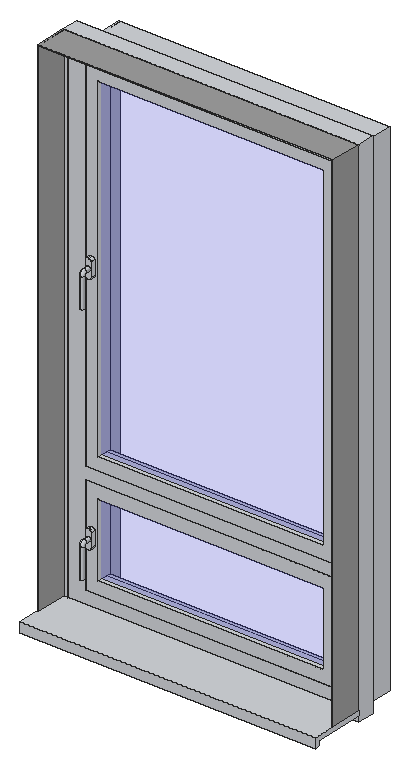
Revit family "AVLN_Окно_Фрамуга_1 створка", category Окна, Revit 2021
Family settings
  Основа = Стена
  Номер OmniClass = 23.30.20.00
  Заголовок OmniClass = Windows
  Всегда вертикально = Да
  При загрузке вырезать с полостями = Нет
  Общий = Нет
  Точка принадлежности помещению = Нет
Parameters (values of type "Для копирования!")
  Ширина рамы = 70 mm
  Ширина импоста = 50 mm
  Четверть слева/справа = 50 mm
  Четверть низ = 0 mm  # constant formula
  Четверть верх = 50 mm
  Толщина основы [instance] = 200 mm
  Створка_толщина = 25 mm  # constant formula
  Створка_снизу_высота = 400 mm
  Створка_профиль = 50 mm
  Створка ширина = Width - ((Ширина рамы * 2) + (Монтажный зазор * 2))  # 1020 mm
  Створка высота = Height - (Створка_снизу_высота + (Ширина рамы * 2) + Ширина импоста + (Монтажный зазор * 2))  # 1470 mm
  Rough Width = Width - Монтажный зазор * 2  # 1160 mm
  Rough Height = Height - Монтажный зазор * 2  # 2060 mm
  Подстановочный профиль_Ширина = 20 mm  # constant formula
  Подстановочный профиль_Толщина = 50 mm
  Подоконник_Толщина = 20 mm
  Подоконник_Длина = Width  # 1200 mm
  Подоконник_Глубина = 190 mm
  Подоконник = yes
  Отлив_Толщина = 1 mm  # constant formula
  Отлив_Длина = Width - [Четверть слева/справа] * 2  # 1100 mm
  Отлив_Глубина = 200 mm
  Отлив = no
  Откос_Н.Ширина = Width - 2 * [Четверть слева/справа]  # 1100 mm
  Откос_Н.Толщина.8 = 32 mm
  Откос_Н.Толщина.7 = 28 mm
  Откос_Н.Толщина.6 = 24 mm
  Откос_Н.Толщина.5 = 20 mm
  Откос_Н.Толщина.4 = 16 mm
  Откос_Н.Толщина.3 = 12 mm
  Откос_Н.Толщина.2 = 8 mm
  Откос_Н.Толщина.1 = 4 mm
  Откос_Н.Отступ_П = 0 mm  # constant formula
  Откос_Н.Отступ_Л = 0 mm  # constant formula
  Откос_Н.Количество слоев = 1
  Откос_Н.Глубина = 150 mm
  Откос_Н.Высота = Height - Четверть верх - Четверть низ  # 2050 mm
  Откос_В.Толщина.8 = 32 mm
  Откос_В.Толщина.7 = 28 mm
  Откос_В.Толщина.6 = 24 mm
  Откос_В.Толщина.5 = 20 mm
  Откос_В.Толщина.4 = 16 mm
  Откос_В.Толщина.3 = 12 mm
  Откос_В.Толщина.2 = 8 mm
  Откос_В.Толщина.1 = 4 mm
  Откос_В.Отступ_П [instance] = Монтажный зазор + Подоконник_Толщина  # 40 mm
  Откос_В.Отступ_Л [instance] = Монтажный зазор + Подоконник_Толщина  # 40 mm
  Откос_В.Количество слоев = 1
  Откос_В.Глубина [instance] = Толщина основы - Глубина вставки - Ширина рамы  # 130 mm
  Определить тепловые свойства по = Тип схем
  Низ открывание = АВЛН_Створка открывная : Створка повороно-откидная правая
  Монтажный зазор = 20 mm
  М.Стекла = Стекло
  М.Рамы = none
  М.Подоконный профиль = none
  М.Подоконник = none
  М.Отлив = none
  М.Откос_Н.8 = none
  М.Откос_Н.7 = none
  М.Откос_Н.6 = none
  М.Откос_Н.5 = none
  М.Откос_Н.4 = none
  М.Откос_Н.3 = none
  М.Откос_Н.2 = none
  М.Откос_Н.1 = none
  М.Откос_В.8 = none
  М.Откос_В.7 = none
  М.Откос_В.6 = none
  М.Откос_В.5 = none
  М.Откос_В.4 = none
  М.Откос_В.3 = none
  М.Откос_В.2 = none
  М.Откос_В.1 = none
  М.Монтажного зазора = none
  Type Comments = ""
  Model = ""
  Глубина вставки = 0 mm
  Высота подоконника по умолчанию = 800 mm
  Height = 2100 mm
  Замыкание стены = По основе
  Width = 1200 mm
  Верх открывание = АВЛН_Створка открывная : Створка повороно-откидная правая
  Аналитическая конструкция = "<Нет>"
  АВЛН_Проем_Ширина [instance] = Width  # 1200 mm
  АВЛН_Проем_Высота [instance] = Height  # 2100 mm
  ADSK_Этаж [instance] = ""
  ADSK_Размер_Ширина = Width  # 1200 mm
  ADSK_Размер_Высота = Height  # 2100 mm
  ADSK_Примечание [instance] = ""
  ADSK_Площадь = Height * Width  # 2.52 m²
  ADSK_Обозначение = ""
  ADSK_Номер секции [instance] = ""
  ADSK_Наименование = ""
  ADSK_Марка = ""
  ADSK_Группирование = ""
  -----------Разрезка----------- = "-----------"  # constant formula
  -----------Профили----------- = "-----------"  # constant formula
  -----------Подоконник----------- = "-----------"  # constant formula
  -----------Отлив----------- = "-----------"  # constant formula
  -----------Откос----------- = "-----------"  # constant formula
  -----------Основные габариты----------- = "-----------"  # constant formula
  -----------Вставка----------- = "-----------"  # constant formula
Reference planes
  plane 1 "По центру (Вперед/Назад)": y = 0
  plane 2 "По центру (Влево/Вправо)": x = 0
  plane 3 "Слева": x = -600
  plane 4 "Справа": x = 600
  plane 5 "Подоконник": z = 800
  plane 6 "Заголовок": z = 2900
  plane 7 "Наружный": y = 100
  plane 8 "Внутренние": y = -100
  plane 9 "Окно": y = 100
  plane 10: x = 580
  plane 11: z = 2880
  plane 12: x = -580
  plane 13: z = 820
  plane 14: x = 550
  plane 15: x = -550
  plane 16: z = 1850
  plane 17: y = 600
  plane 18: y = -400
  plane 19: z = 2850
  plane 20 "Чет. низ": z = 800
  plane 21 "Внутряння грань": y = 30
  plane 22: y = 80
  plane 23 "Импост верх": z = 1340
  plane 24 "Импост низ": z = 1290
  plane 25: z = 890
  plane 26: z = 2810
  plane 27: x = -510
  plane 28: x = 510
  plane 29 "4": z = 1315
  plane 30: z = 1090
  plane 31: x = 0
  plane 32: z = 2075
Forms (mm)
  Extrusion 1, void
    sketch origin (0, 100, 0) x (1, 0, 0) y (0, 0, 1)
      loop
        line (550, 2850) -> (-550, 2850) -> (-550, 800) -> (550, 800) -> (550, 2850)
    from -500 to 20
  Extrusion 2, void
    sketch origin (0, 100, 0) x (1, 0, 0) y (0, 0, 1)
      loop
        line (600, 2900) -> (-600, 2900) -> (-600, 800) -> (600, 800) -> (600, 2900)
    from 0 to 500
  Extrusion 3, solid, material <- "М.Монтажного зазора", detail levels medium+fine
    sketch origin (0, 100, 0) x (1, 0, 0) y (0, 0, 1)
      loop
        line (600, 2900) -> (-600, 2900) -> (-600, 800) -> (600, 800) -> (600, 2900)
      loop
        line (-580, 2880) -> (-580, 820) -> (580, 820) -> (580, 2880) -> (-580, 2880)
    from 0 to 70
  Extrusion 4, solid, material <- "М.Рамы", detail levels medium+fine
    sketch origin (0, 100, 0) x (-1, 0, 0) y (0, 0, 1)
      loop
        line (-580, 2880) -> (-580, 820) -> (580, 820) -> (580, 2880) -> (-580, 2880)
      loop
        line (-510, 2810) -> (-510, 1340) -> (510, 1340) -> (510, 2810) -> (-510, 2810)
      loop
        line (-510, 890) -> (510, 890) -> (510, 1290) -> (-510, 1290) -> (-510, 890)
    from -70 to 0
Lines and regions (mm)
  reference lines
    curve 1: line (-600, -100, 1315) -> (600, -100, 1315)
Text (mm)
  text "EXTERIOR" at (-1963.203, 1332.353, 0), in view "Опорный уровень"
  text "INTERIOR" at (-1981.466, -818.386, 0), in view "Опорный уровень"
  text "Наружный" at (0, 923.751, 2943.296), in view "Справа"
  text "Наружный" at (0, 1240.237, 2685.409), in view "Слева"
Dimensions and locks
  equal spacing: plane 3 "Слева", plane 2 "По центру (Влево/Вправо)", plane 4 "Справа"
  "Width": plane 3 "Слева" to plane 4 "Справа"
  "Height": plane 5 "Подоконник" to plane 6 "Заголовок"
  "Высота подоконника по умолчанию": plane 5 "Подоконник" to level
  locked: plane 7 "Наружный" to host wall
  locked: plane 8 "Внутренние" to host wall
  "Глубина вставки": plane 9 "Окно" to plane 7 "Наружный"
  "Монтажный зазор": plane 10 to plane 4 "Справа"
  "Монтажный зазор": plane 3 "Слева" to plane 12
  "Монтажный зазор": plane 11 to plane 6 "Заголовок"
  "Монтажный зазор": plane 5 "Подоконник" to plane 13
  "Четверть слева/справа": plane 14 to plane 4 "Справа"
  "Четверть слева/справа": plane 3 "Слева" to plane 15
  equal spacing: plane 5 "Подоконник", plane 16, plane 6 "Заголовок"
  locked: plane 7 "Наружный" to plane 17 at 500
  locked: plane 18 to plane 8 "Внутренние" at 300
  "Четверть верх": plane 19 to plane 6 "Заголовок"
  "Четверть низ": plane 5 "Подоконник" to plane 20 "Чет. низ"
  "Ширина рамы": plane 9 "Окно" to plane 21 "Внутряння грань"
  "Толщина основы": host wall to host wall
  locked: plane 22 to plane 21 "Внутряння грань" at 50
  "Ширина импоста": plane 24 "Импост низ" to plane 23 "Импост верх"
  "Ширина рамы": plane 28 to plane 10
  "Ширина рамы": plane 12 to plane 27
  "Ширина рамы": plane 13 to plane 25
  "Ширина рамы": plane 26 to plane 11
  plane 23 "Импост верх" to plane 26 = 1470 mm
  "Створка_снизу_высота": plane 25 to plane 24 "Импост низ"
  equal spacing: plane 23 "Импост верх", plane 29 "4", plane 24 "Импост низ"
  equal spacing: plane 3 "Слева", plane 31, plane 4 "Справа"
  equal spacing: plane 24 "Импост низ", plane 30, plane 25
  equal spacing: plane 26, plane 32, plane 23 "Импост верх"
  aligned and locked: Extrusion 1 sketch curve to plane 14
  aligned and locked: Extrusion 1 sketch curve to plane 15
  aligned and locked: plane 17 to Extrusion 1
  aligned and locked: Extrusion 2 sketch curve to plane 6 "Заголовок"
  aligned and locked: Extrusion 2 sketch curve to plane 4 "Справа"
  aligned and locked: plane 5 "Подоконник" to Extrusion 2 sketch curve
  aligned and locked: plane 3 "Слева" to Extrusion 2 sketch curve
  aligned and locked: plane 9 "Окно" to Extrusion 2
  aligned and locked: Extrusion 2 to plane 18
  aligned and locked: Extrusion 1 sketch curve to plane 19
  aligned and locked: plane 20 "Чет. низ" to Extrusion 1 sketch curve
  aligned and locked: plane 9 "Окно" to nested 1
  aligned and locked: plane 2 "По центру (Влево/Вправо)" to nested 1
  aligned and locked: nested 2 to plane 21 "Внутряння грань"
  aligned and locked: nested 2 to plane 2 "По центру (Влево/Вправо)"
  aligned and locked: plane 8 "Внутренние" to nested 3
  aligned and locked: nested 4 to plane 9 "Окно"
  aligned and locked: Extrusion 3 sketch curve to plane 6 "Заголовок"
  aligned and locked: Extrusion 3 sketch curve to plane 4 "Справа"
  aligned and locked: Extrusion 3 sketch curve to nested 2  (x2)
  aligned and locked: Extrusion 3 sketch curve to plane 11
  aligned and locked: Extrusion 3 sketch curve to plane 12
  aligned and locked: plane 13 to Extrusion 3 sketch curve
  aligned and locked: Extrusion 3 sketch curve to plane 10
  aligned and locked: Extrusion 3 to nested 2
  aligned and locked: plane 24 "Импост низ" to Extrusion 4 sketch curve
  aligned and locked: plane 23 "Импост верх" to Extrusion 4 sketch curve
  aligned and locked: Extrusion 4 sketch curve to Extrusion 4 sketch curve
  aligned and locked: plane 27 to Extrusion 4 sketch curve
  aligned and locked: Extrusion 4 sketch curve to plane 12
  aligned and locked: plane 13 to Extrusion 4 sketch curve
  aligned and locked: plane 28 to Extrusion 4 sketch curve  (x2)
  aligned and locked: plane 10 to Extrusion 4 sketch curve
  aligned and locked: Extrusion 4 sketch curve to plane 26
  aligned and locked: Extrusion 4 sketch curve to plane 11
  aligned and locked: plane 20 "Чет. низ" to nested 4
  aligned and locked: nested 4 to plane 2 "По центру (Влево/Вправо)"
  aligned and locked: plane 9 "Окно" to Extrusion 3
  aligned and locked: Extrusion 4 to plane 21 "Внутряння грань"
  aligned and locked: plane 9 "Окно" to Extrusion 4
  aligned and locked: Extrusion 1 to plane 22
  aligned and locked: curve 1 to plane 29 "4"
  aligned and locked: plane 3 "Слева" to curve 1
  aligned and locked: plane 4 "Справа" to curve 1
  aligned and locked: plane 31 to nested 6
  aligned and locked: nested 6 to plane 16
  aligned and locked: nested 3 to plane 31
  aligned and locked: plane 31 to nested 8
  aligned and locked: plane 31 to nested 9
  aligned and locked: nested 8 to plane 32
Automatic sketch dimensions
  Extrusion 4 sketch curve to plane 25 = 0 mm
Nested families
  nested 1: "Отлив" at (0, 100, 800) x (-1, 0, 0) z (0, 0, 1), Глубина отлива <- "Отлив_Глубина", Длина отлива <- "Отлив_Длина", ТО <- "Отлив_Толщина", Ш_МЗЗ <- "Монтажный зазор", Ш_ПП <- "Подстановочный профиль_Ширина", ADSK_Группирование <- "ADSK_Группирование", ADSK_Номер секции <- "ADSK_Номер секции", ADSK_Этаж <- "ADSK_Этаж", visible <- "Отлив", М <- "М.Отлив", type "Отлив", detail levels fine
    with Ш_ПП 20 mm, Ш_МЗЗ 20 mm, ТО 1 mm, М none, Длина отлива 1100 mm, Глубина отлива 200 mm, ADSK_Этаж "", ADSK_Примечание "", ADSK_Обозначение "", ADSK_Номер секции "", ADSK_Наименование "", ADSK_Марка "", ADSK_Группирование ""
  nested 2: "Подоконник" at (0, 30, 800), Глубина подоконника <- "Подоконник_Глубина", Длина отлива <- "Подоконник_Длина", ТП <- "Подоконник_Толщина", Ш_МЗЗ <- "Монтажный зазор", Ш_ПП <- "Подстановочный профиль_Ширина", ADSK_Группирование <- "ADSK_Группирование", ADSK_Номер секции <- "ADSK_Номер секции", ADSK_Этаж <- "ADSK_Этаж", visible <- "Подоконник", М <- "М.Подоконник", type "Подоконник", detail levels fine
    with Ш_ПП 20 mm, Ш_МЗЗ 20 mm, ТП 20 mm, М none, Длина отлива 1200 mm, Глубина подоконника 190 mm, ADSK_Этаж "", ADSK_Примечание "", ADSK_Обозначение "", ADSK_Номер секции "", ADSK_Наименование "", ADSK_Марка "", ADSK_Группирование ""
  nested 3: "AVLN_Откосы_R19" at (0, -100, 0), Глубина <- "Откос_В.Глубина", Высота от уровня <- "Высота подоконника по умолчанию", ADSK_Группирование <- "Type Comments", ADSK_Этаж <- "ADSK_Этаж", ADSK_Номер секции <- "ADSK_Номер секции", Материал_1 <- "М.Откос_В.1", Материал_2 <- "М.Откос_В.2", Материал_3 <- "М.Откос_В.3", Материал_4 <- "М.Откос_В.4", Материал_5 <- "М.Откос_В.5", Материал_6 <- "М.Откос_В.6", Материал_7 <- "М.Откос_В.7", Материал_8 <- "М.Откос_В.8", Толщина_1 <- "Откос_В.Толщина.1", Толщина_2 <- "Откос_В.Толщина.2", Толщина_3 <- "Откос_В.Толщина.3", Толщина_4 <- "Откос_В.Толщина.4", Толщина_5 <- "Откос_В.Толщина.5", Толщина_6 <- "Откос_В.Толщина.6", Толщина_7 <- "Откос_В.Толщина.7", Толщина_8 <- "Откос_В.Толщина.8", Количество слоев <- "Откос_В.Количество слоев", Отступ_Л <- "Откос_В.Отступ_Л", Отступ_П <- "Откос_В.Отступ_П", Высота <- "Height", Ширина <- "Width", type "AVLN_Откосы_R19"
    with Ширина_8 976 mm, Ширина_7 1032 mm, Ширина_6 1080 mm, Ширина_5 1120 mm, Ширина_4 1152 mm, Ширина_3 1176 mm, Ширина_2 1192 mm, Ширина 1200 mm, Толщина_8 32 mm, Толщина_7 28 mm, Толщина_6 24 mm, Толщина_5 20 mm, Толщина_4 16 mm, Толщина_3 12 mm, Толщина_2 8 mm, Толщина_1 4 mm, Отступ_П 40 mm, Отступ_Л 40 mm, Материал_8 none, Материал_7 none, Материал_6 none, Материал_5 none, Материал_4 none, Материал_3 none, Материал_2 none, Материал_1 none, Количество слоев 1, Глубина 130 mm, Высота_8 1988 mm, Высота_7 2016 mm, Высота_6 2040 mm, Высота_5 2060 mm, Высота_4 2076 mm, Высота_3 2088 mm, Высота_2 2096 mm, Высота от уровня 800 mm, Высота 2100 mm, Видимость_8 no, Видимость_7 no, Видимость_6 no, Видимость_5 no, Видимость_4 no, Видимость_3 no, Видимость_2 no, Видимость_1 yes, ADSK_Этаж "", ADSK_Номер секции "", ADSK_Группирование ""
  nested 4: "AVLN_Откосы_R19" at (0, 100, 0), Ширина <- "Откос_Н.Ширина", Глубина <- "Откос_Н.Глубина", Высота <- "Откос_Н.Высота", Высота от уровня <- "Высота подоконника по умолчанию", ADSK_Группирование <- "Type Comments", ADSK_Этаж <- "ADSK_Этаж", ADSK_Номер секции <- "ADSK_Номер секции", Материал_1 <- "М.Откос_Н.1", Материал_2 <- "М.Откос_Н.2", Материал_3 <- "М.Откос_Н.3", Материал_4 <- "М.Откос_Н.4", Материал_5 <- "М.Откос_Н.5", Материал_6 <- "М.Откос_Н.6", Материал_7 <- "М.Откос_Н.7", Материал_8 <- "М.Откос_Н.8", Толщина_1 <- "Откос_Н.Толщина.1", Толщина_2 <- "Откос_Н.Толщина.2", Толщина_3 <- "Откос_Н.Толщина.3", Толщина_4 <- "Откос_Н.Толщина.4", Толщина_5 <- "Откос_Н.Толщина.5", Толщина_6 <- "Откос_Н.Толщина.6", Толщина_7 <- "Откос_Н.Толщина.7", Толщина_8 <- "Откос_Н.Толщина.8", Количество слоев <- "Откос_Н.Количество слоев", Отступ_Л <- "Откос_Н.Отступ_Л", Отступ_П <- "Откос_Н.Отступ_П", type "AVLN_Откосы_R19"
    with Ширина_8 876 mm, Ширина_7 932 mm, Ширина_6 980 mm, Ширина_5 1020 mm, Ширина_4 1052 mm, Ширина_3 1076 mm, Ширина_2 1092 mm, Ширина 1100 mm, Толщина_8 32 mm, Толщина_7 28 mm, Толщина_6 24 mm, Толщина_5 20 mm, Толщина_4 16 mm, Толщина_3 12 mm, Толщина_2 8 mm, Толщина_1 4 mm, Отступ_П 0 mm, Отступ_Л 0 mm, Материал_8 none, Материал_7 none, Материал_6 none, Материал_5 none, Материал_4 none, Материал_3 none, Материал_2 none, Материал_1 none, Количество слоев 1, Глубина 150 mm, Высота_8 1938 mm, Высота_7 1966 mm, Высота_6 1990 mm, Высота_5 2010 mm, Высота_4 2026 mm, Высота_3 2038 mm, Высота_2 2046 mm, Высота от уровня 800 mm, Высота 2050 mm, Видимость_8 no, Видимость_7 no, Видимость_6 no, Видимость_5 no, Видимость_4 no, Видимость_3 no, Видимость_2 no, Видимость_1 yes, ADSK_Этаж "", ADSK_Номер секции "", ADSK_Группирование ""
  nested 5: "Откос_R1" at (0, 175, 800), type "Откос_R19 2"
    with Площадь 0.78 m², Отступ_П 0 mm, Отступ_Л 0 mm, Материал none, Видимость yes, ADSK_Этаж "", ADSK_Размер_Ширина 1100 mm, ADSK_Размер_Толщина 4 mm, ADSK_Размер_Глубина 150 mm, ADSK_Размер_Высота 2050 mm, ADSK_Номер секции "", ADSK_Группирование ""
  nested 6: "AVLN_Обозначение проема" at (0, 100, 1850) x (0, 0, -1) z (0, -1, 0), ADSK_Размер_Высота <- "АВЛН_Проем_Ширина", ADSK_Размер_Ширина <- "АВЛН_Проем_Высота", type "AVLN_Обозначение проема", detail levels coarse
    with Длина 200 mm, ADSK_Размер_Ширина 2100 mm, ADSK_Размер_Высота 1200 mm
  nested 7: "Откос_R1" at (0, -35, 800), type "Откос_R19 2"
    with Площадь 0.702 m², Отступ_П 40 mm, Отступ_Л 40 mm, Материал none, Видимость yes, ADSK_Этаж "", ADSK_Размер_Ширина 1200 mm, ADSK_Размер_Толщина 4 mm, ADSK_Размер_Глубина 130 mm, ADSK_Размер_Высота 2100 mm, ADSK_Номер секции "", ADSK_Группирование ""
  nested 8: "АВЛН_Створка открывная" at (0, 30, 2075) x (-1, 0, 0) z (0, 1, 0), type <- "Верх открывание", Ширина рамы <- "Створка_профиль", Створка высота <- "Створка высота", Створка ширина <- "Створка ширина", Материал_Ручки <- "М.Рамы", Материал_Рама <- "М.Рамы", Материал_Стеклопакет <- "М.Стекла", type "Створка повороно-откидная правая", detail levels medium+fine
    with Ширина рамы 50 mm, Створка ширина 1020 mm, Створка высота 1470 mm, Материал_Стеклопакет Стекло, Материал_Ручки none, Материал_Рама none, Width 1020 mm, Height 1470 mm
  nested 9: "АВЛН_Створка открывная" at (0, 30, 1090) x (-1, 0, 0) z (0, 1, 0), type <- "Низ открывание", Ширина рамы <- "Створка_профиль", Створка высота <- "Створка_снизу_высота", Створка ширина <- "Створка ширина", Материал_Ручки <- "М.Рамы", Материал_Рама <- "М.Рамы", Материал_Стеклопакет <- "М.Стекла", type "Створка повороно-откидная правая", detail levels medium+fine
    with Ширина рамы 50 mm, Створка ширина 1020 mm, Створка высота 400 mm, Материал_Стеклопакет Стекло, Материал_Ручки none, Материал_Рама none, Width 1020 mm, Height 1470 mm
Definition of nested family "Отлив"
  Parameters (values of type "Отлив")
    Ш_ПП [instance] = 50 mm
    Ш_МЗЗ [instance] = 35 mm
    ТО [instance] = 1 mm
    Default Elevation = 1219.2 mm
    М [instance] = none
    Длина отлива [instance] = 1560 mm
    Глубина отлива [instance] = 280 mm
    ADSK_Этаж [instance] = ""
    ADSK_Примечание [instance] = ""
    ADSK_Обозначение [instance] = ""
    ADSK_Номер секции [instance] = ""
    ADSK_Наименование [instance] = ""
    ADSK_Марка [instance] = ""
    ADSK_Группирование [instance] = ""
  Reference planes
    plane 1 "По центру (Вперед/Назад)": y = 0
    plane 2: z = 0
    plane 3 "По центру (Влево/Вправо)": x = 0
    plane 4: y = -280
    plane 5: x = -780
    plane 6: x = 780
    plane 7: z = 35
    plane 8: z = 85
    plane 9: y = -1
    plane 10: y = -300
    plane 11: y = -301
    plane 12: z = -35
    plane 13: z = 34
  Forms (mm)
    Extrusion 1, solid, material <- "М"
      sketch origin (0, 0, 0) x (0, 1, 0) y (0, 0, 1)
        loop
          line (0, 85) -> (-1, 85) -> (-1, 34.893) -> (-301, 0.893) -> (-301, -35) -> (-300, -35) -> (-300, 0) -> (0, 34) -> (0, 85)
      from -780 to 780
  Dimensions and locks
    equal spacing: plane 5, plane 3 "По центру (Влево/Вправо)", plane 6
    "Длина отлива": plane 5 to plane 6
    "Глубина отлива": plane 4 to plane 1 "По центру (Вперед/Назад)"
    "Ш_МЗЗ": plane 7 to level
    "Ш_ПП": plane 8 to plane 7
    "ТО": plane 1 "По центру (Вперед/Назад)" to plane 9
    "ТО": plane 10 to plane 11
    locked: level to plane 12 at 35
    "ТО": plane 7 to plane 13
    "ТО": Extrusion 1 sketch curve to Extrusion 1 sketch curve
    locked: plane 4 to plane 10 at 20
    aligned and locked: level to plane 2
    aligned and locked: plane 8 to Extrusion 1 sketch curve
    aligned and locked: plane 9 to Extrusion 1 sketch curve
    aligned and locked: plane 11 to Extrusion 1 sketch curve
    aligned and locked: plane 12 to Extrusion 1 sketch curve
    aligned and locked: plane 1 "По центру (Вперед/Назад)" to Extrusion 1 sketch curve  (x2)
    aligned and locked: plane 13 to Extrusion 1 sketch curve
    aligned and locked: level to Extrusion 1 sketch curve
    aligned and locked: plane 10 to Extrusion 1 sketch curve
    aligned and locked: plane 6 to Extrusion 1
    aligned and locked: Extrusion 1 to plane 5
Definition of nested family "Подоконник"
  Parameters (values of type "Подоконник")
    Ш_ПП [instance] = 50 mm
    Ш_МЗЗ [instance] = 35 mm
    ТП [instance] = 20 mm
    Default Elevation = 1219.2 mm
    М [instance] = none
    Длина отлива [instance] = 1560 mm
    Глубина подоконника [instance] = 280 mm
    ADSK_Этаж [instance] = ""
    ADSK_Примечание [instance] = ""
    ADSK_Обозначение [instance] = ""
    ADSK_Номер секции [instance] = ""
    ADSK_Наименование [instance] = ""
    ADSK_Марка [instance] = ""
    ADSK_Группирование [instance] = ""
  Reference planes
    plane 1 "По центру (Вперед/Назад)": y = 0
    plane 2: z = 0
    plane 3 "По центру (Влево/Вправо)": x = 0
    plane 4: y = -280
    plane 5: x = -780
    plane 6: x = 780
    plane 7: z = 35
    plane 8: z = 85
    plane 9: y = -20
    plane 10: y = -290
    plane 11: y = -310
    plane 12: z = -35
    plane 13: z = 15
    plane 14: z = 65
  Forms (mm)
    Extrusion 1, solid, material <- "М"
      sketch origin (0, 0, 0) x (0, 1, 0) y (0, 0, 1)
        loop
          line (0, 85) -> (-310, 85) -> (-310, 0) -> (-290, 0) -> (-290, 65) -> (0, 65) -> (0, 85)
      from -780 to 780
  Dimensions and locks
    equal spacing: plane 5, plane 3 "По центру (Влево/Вправо)", plane 6
    "Длина отлива": plane 5 to plane 6
    "Глубина подоконника": plane 4 to plane 1 "По центру (Вперед/Назад)"
    "Ш_МЗЗ": plane 7 to level
    "Ш_ПП": plane 8 to plane 7
    "ТП": plane 1 "По центру (Вперед/Назад)" to plane 9
    "ТП": plane 10 to plane 11
    locked: level to plane 12 at 35
    "ТП": plane 7 to plane 13
    locked: plane 4 to plane 10 at 10
    "ТП": plane 8 to plane 14
    aligned and locked: level to plane 2
    aligned and locked: plane 8 to Extrusion 1 sketch curve
    aligned and locked: plane 1 "По центру (Вперед/Назад)" to Extrusion 1 sketch curve
    aligned and locked: plane 10 to Extrusion 1 sketch curve
    aligned and locked: plane 11 to Extrusion 1 sketch curve
    aligned and locked: level to Extrusion 1 sketch curve
    aligned and locked: plane 14 to Extrusion 1 sketch curve
    aligned and locked: Extrusion 1 to plane 5
    aligned and locked: plane 6 to Extrusion 1
Definition of nested family "Откос_R1"
  Parameters (values of type "Откос_R19")
    Площадь [instance] = (ADSK_Размер_Ширина + 2 * ADSK_Размер_Высота) * ADSK_Размер_Глубина  # 2.93564 m²
    Отступ_П [instance] = 0 mm
    Отступ_Л [instance] = 0 mm
    Материал [instance] = none
    Model = "Внутренний слой откоса"  # constant formula
    Видимость [instance] = yes
    ADSK_Этаж [instance] = ""
    ADSK_Размер_Ширина [instance] = 1880 mm
    ADSK_Размер_Толщина [instance] = 164.158 mm
    ADSK_Размер_Глубина [instance] = 560 mm
    ADSK_Размер_Высота [instance] = 1681.106 mm
    ADSK_Примечание = ""
    ADSK_Обозначение = ""
    ADSK_Номер секции [instance] = ""
    ADSK_Наименование = ""
    ADSK_Марка = ""
    ADSK_Группирование [instance] = ""
  Reference planes
    plane 1 "По центру (Вперед/Назад)": y = 0
    plane 2: z = 0
    plane 3 "По центру (Влево/Вправо)": x = 0
    plane 4: x = -940
    plane 5: x = 940
    plane 6: y = 280
    plane 7: y = -280
    plane 8: x = -775.842
    plane 9: z = 1681.106
    plane 10: z = 0
    plane 11: z = 0
  Forms (mm)
    Sweep 1, solid, material <- "Материал", visible <- "Видимость"
      path origin (0, 0, 0) x (1, 0, 0) y (0, 0, 1)
        loop
          line (940, 0) -> (940, 1681.106) -> (-940, 1681.106) -> (-940, 0)
      profile origin (-940, 0, 840.553) x (0, -1, 0) y (1, 0, 0)
        loop
          line (-280, 0) -> (280, 0) -> (280, 164.158) -> (-280, 164.158) -> (-280, 0)
  Dimensions and locks
    equal spacing: plane 6, plane 1 "По центру (Вперед/Назад)", plane 7
    equal spacing: plane 4, plane 3 "По центру (Влево/Вправо)", plane 5
    "ADSK_Размер_Толщина": plane 4 to plane 8
    "ADSK_Размер_Глубина": plane 6 to plane 7
    "ADSK_Размер_Высота": plane 9 to level
    "ADSK_Размер_Ширина": plane 5 to plane 4
    "Отступ_Л": plane 10 to level
    "Отступ_П": plane 11 to level
    aligned and locked: level to plane 2
    aligned and locked: Sweep 1 sketch curve to plane 4
    aligned and locked: Sweep 1 sketch curve to plane 9
    aligned and locked: Sweep 1 sketch curve to plane 5
    aligned and locked: plane 6 to Sweep 1 sketch curve
    aligned and locked: profile plane to Sweep 1 sketch curve
    aligned and locked: Sweep 1 sketch curve to plane 7
    aligned and locked: plane 8 to Sweep 1 sketch curve
    aligned and locked: plane 10 to Sweep 1 sketch curve
    aligned and locked: plane 11 to Sweep 1 sketch curve
Definition of nested family "АВЛН_Створка открывная"
  Parameters (values of type "Створка повороно-откидная правая")
    Ширина рамы [instance] = 50 mm
    Width = 1600 mm
    Створка ширина [instance] = 800 mm
    Створка высота [instance] = 700 mm
    Define Thermal Properties by = 1
    Материал_Стеклопакет [instance] = none
    Поворотная Правая = yes
    Поворотная Левая = no
    Default Elevation = 1219.2 mm
    Открываная = yes
    Откидная = yes
    Материал_Ручки [instance] = none
    Материал_Рама [instance] = none
    Левая = yes
    Глухое = no
    Height = 1800 mm
    Analytic Construction = "<Нет>"
  Types (6, lengths in mm): name | Поворотная Правая | Поворотная Левая | Открываная | Откидная | Глухое
    Створка повороно-откидная правая | yes | no | yes | yes | no
    Створка повороно-откидная левая | no | yes | yes | yes | no
    Створка глухая | no | no | no | no | yes
    Створка откидная | no | no | yes | yes | no
    Створка поворотная правая | yes | no | yes | no | no
    Створка поворотная левая | no | yes | yes | no | no
  Reference planes
    plane 1 "По центру (Вперед/Назад)": y = 0
    plane 2 "Внутрення грань": z = 0
    plane 3 "По центру (Влево/Вправо)": x = 0
    plane 4: y = 350
    plane 5: x = 400
    plane 6: y = -350
    plane 7: x = -400
    plane 8 "Наружняя грань": z = 60.433
    plane 9 "По центру Л/Р": z = 30.216
  Forms (mm)
    Extrusion 1, solid
      sketch origin (0, 0, 0) x (1, 0, 0) y (0, 1, 0)
        loop
          line (-1219.2, 1219.2) -> (-1219.2, -1219.2) -> (1219.2, -1219.2) -> (1219.2, 1219.2) -> (-1219.2, 1219.2)
      from 0 to -304.8
    Sweep 2, solid, material <- "Материал_Рама", visible <- "Открываная"
      path origin (0, 0, 0) x (1, 0, 0) y (0, 1, 0)
        loop
          line (400, 350) -> (-400, 350) -> (-400, -350) -> (400, -350) -> (400, 350)
      profile origin (0, 350, 0) x (0, -1, 0) y (0, 0, 1)
        loop
          line (0, 0) -> (50, 0) -> (50, 60.433) -> (0, 60.433) -> (0, 0)
    Extrusion 3, solid, material <- "Материал_Стеклопакет", visible <- "Открываная"
      sketch origin (0, 0, 0) x (1, 0, 0) y (0, 1, 0)
        loop
          line (-350, 300) -> (-350, -300) -> (350, -300) -> (350, 300) -> (-350, 300)
      from 17.481 to 42.952
    Extrusion 4, solid, material <- "Материал_Стеклопакет", visible <- "Глухое"
      sketch origin (0, 0, 0) x (1, 0, 0) y (0, 1, 0)
        loop
          line (-400, 350) -> (-400, -350) -> (400, -350) -> (400, 350) -> (-400, 350)
      from 17.481 to 42.952
  Lines and regions (mm)
    model lines, visible <- "Глухое", detail levels medium+fine
      curve 1: line (0, 50, 60.433) -> (0, -50, 60.433)
      curve 2: line (50, 0, 60.433) -> (-50, 0, 60.433)
      curve 17: line (0, 50, 0) -> (0, -50, 0)
      curve 18: line (50, 0, 0) -> (-50, 0, 0)
    model lines, visible <- "Глухое", not visible, detail levels medium+fine
      curve 3: line (60, 38.001, 60.433) -> (60, -61.999, 60.433)
      curve 4: line (110, -11.999, 60.433) -> (10, -11.999, 60.433)
    model lines, visible <- "Поворотная Левая", detail levels medium+fine
      curve 5: line (400, 350, 0) -> (-400, 0, 0)
      curve 6: line (400, -350, 0) -> (-400, 0, 0)
      curve 13: line (400, 350, 60.433) -> (-400, 0, 60.433)
      curve 14: line (400, -350, 60.433) -> (-400, 0, 60.433)
    model lines, visible <- "Откидная", detail levels medium+fine
      curve 7: line (-400, -350, 0) -> (0, 350, 0)
      curve 8: line (0, 350, 0) -> (400, -350, 0)
      curve 15: line (-400, -350, 60.433) -> (0, 350, 60.433)
      curve 16: line (0, 350, 60.433) -> (400, -350, 60.433)
    model lines, visible <- "Поворотная Правая", detail levels medium+fine
      curve 9: line (-400, 350, 0) -> (400, 0, 0)
      curve 10: line (-400, -350, 0) -> (400, 0, 0)
      curve 11: line (-400, 350, 60.433) -> (400, 0, 60.433)
      curve 12: line (-400, -350, 60.433) -> (400, 0, 60.433)
  Dimensions and locks
    "Створка высота": plane 4 to plane 6
    "Створка ширина": plane 7 to plane 5
    equal spacing: plane 7, plane 3 "По центру (Влево/Вправо)", plane 5
    equal spacing: plane 6, plane 1 "По центру (Вперед/Назад)", plane 4
    plane 2 "Внутрення грань" to plane 8 "Наружняя грань" = 60.433 mm
    level to Extrusion 4 = 42.952 mm
    plane 8 "Наружняя грань" to level = 60.433 mm
    equal spacing: Extrusion 3, plane 9 "По центру Л/Р", Extrusion 3
    equal spacing: plane 8 "Наружняя грань", plane 9 "По центру Л/Р", level
    Extrusion 3 to Extrusion 3 = 25.471 mm
    "Ширина рамы": profile plane to Sweep 2 sketch curve
    equal spacing: Extrusion 4, plane 9 "По центру Л/Р", Extrusion 4, locked at 12.735 each
    locked: Extrusion 4 to Extrusion 4 at 25.471
    equal spacing: Sweep 2, nested 1, Sweep 2
    equal spacing: Sweep 2, nested 2, Sweep 2
    aligned and locked: plane 2 "Внутрення грань" to Extrusion 1
    aligned and locked: level to Extrusion 1
    aligned and locked: plane 4 to Sweep 2 sketch curve
    aligned and locked: plane 5 to Sweep 2 sketch curve
    aligned and locked: plane 6 to Sweep 2 sketch curve
    aligned and locked: Sweep 2 sketch curve to plane 7
    aligned and locked: Extrusion 3 sketch curve to Sweep 2  (x4)
    aligned and locked: Extrusion 4 sketch curve to Sweep 2  (x3)
    aligned and locked: Extrusion 4 sketch curve to plane 5
    aligned and locked: Sweep 2 sketch curve to plane 8 "Наружняя грань"
    aligned and locked: plane 6 to Extrusion 4
    aligned and locked: plane 4 to Extrusion 4
    aligned and locked: curve 2 to plane 1 "По центру (Вперед/Назад)"
    aligned and locked: curve 1 to plane 3 "По центру (Влево/Вправо)"
    aligned and locked: curve 18 to plane 1 "По центру (Вперед/Назад)"
    aligned and locked: curve 17 to plane 3 "По центру (Влево/Вправо)"
    aligned and locked: nested 2 to plane 1 "По центру (Вперед/Назад)"
    aligned and locked: nested 1 to plane 1 "По центру (Вперед/Назад)"
  Automatic sketch dimensions
    Extrusion 1 sketch curve to Extrusion 1 sketch curve = 2438.4 mm  (x2)
    plane 1 "По центру (Вперед/Назад)" to curve 5 = 0 mm
    curve 5 to plane 7 = 0 mm
    curve 9 to plane 4 = 0 mm
    curve 9 to plane 7 = 0 mm
    plane 6 to curve 7 = 0 mm
    curve 7 to plane 7 = 0 mm
    curve 7 to plane 3 "По центру (Влево/Вправо)" = 0 mm
    curve 6 to plane 5 = 0 mm
    plane 1 "По центру (Вперед/Назад)" to curve 9 = 0 mm
    curve 9 to plane 5 = 0 mm
    curve 5 to plane 4 = 0 mm
    curve 5 to plane 5 = 0 mm
    plane 6 to curve 8 = 0 mm
    curve 8 to plane 4 = 0 mm
    curve 11 to plane 4 = 0 mm
    curve 11 to plane 7 = 0 mm
    plane 6 to curve 15 = 0 mm
    curve 15 to plane 7 = 0 mm
    plane 1 "По центру (Вперед/Назад)" to curve 14 = 0 mm
    curve 14 to plane 7 = 0 mm
    curve 15 to plane 3 "По центру (Влево/Вправо)" = 0 mm
    plane 1 "По центру (Вперед/Назад)" to curve 11 = 0 mm
    curve 11 to plane 5 = 0 mm
    curve 14 to plane 5 = 0 mm
    curve 13 to plane 4 = 0 mm
    curve 13 to plane 5 = 0 mm
    plane 6 to curve 14 = 0 mm
    curve 15 to plane 4 = 0 mm
    plane 1 "По центру (Вперед/Назад)" to curve 2 = 0 mm
    curve 1 to plane 3 "По центру (Влево/Вправо)" = 0 mm
    curve 2 to plane 3 "По центру (Влево/Вправо)" = 50 mm
    plane 3 "По центру (Влево/Вправо)" to curve 2 = 50 mm
    plane 1 "По центру (Вперед/Назад)" to curve 1 = 50 mm
    curve 1 to plane 1 "По центру (Вперед/Назад)" = 50 mm
    curve 18 to curve 17 = 50 mm
    curve 17 to curve 18 = 50 mm
    plane 1 "По центру (Вперед/Назад)" to curve 17 = 50 mm
    curve 17 to plane 1 "По центру (Вперед/Назад)" = 50 mm
    Sweep 2 sketch curve to level = 0 mm
    Sweep 2 sketch curve to profile plane = 0 mm
  Nested families
    nested 1: "АВЛН_Ручка" at (375, 1040, 0) x (1, 0, 0) z (0, -1, 0), visible <- "Поворотная Правая", Материал дверной ручки <- "Материал_Рама", type "АВЛН_Ручка", detail levels fine
      with Материал дверной ручки none, Высота расположения дверной ручки 1040 mm
    nested 2: "АВЛН_Ручка" at (-375, 1040, 0) x (1, 0, 0) z (0, -1, 0), visible <- "Поворотная Левая", Материал дверной ручки <- "Материал_Рама", type "АВЛН_Ручка", detail levels fine
      with Материал дверной ручки none, Высота расположения дверной ручки 1040 mm
  Definition of nested family "АВЛН_Ручка"
    Parameters (values of type "АВЛН_Ручка")
      Default Elevation = 1219.2 mm
      Материал дверной ручки [instance] = none
      Высота расположения дверной ручки [instance] = 1040 mm
      Analytic Construction = "<Нет>"
      b = 25 mm
      a = 75 mm
    Reference planes
      plane 1 "По центру (Вперед/Назад)": y = 0
      plane 2: z = 0
      plane 3 "По центру (Влево/Вправо)": x = 0
      plane 4: z = 1040
      plane 5: x = 12.5
      plane 6: x = -12.5
      plane 7: z = 1002.5
      plane 8: z = 1077.5
      plane 9: y = -15
    Forms (mm)
      Extrusion 1, solid, material <- "Материал дверной ручки"
        sketch origin (0, 0, 2080) x (-1, 0, 0) y (0, 0, -1)
          loop
            arc (-2.5, 1077.5) -> (-9.571, 1074.571) -> (-12.5, 1067.5) r 10
            line (-12.5, 1067.5) -> (-12.5, 1012.5)
            arc (-12.5, 1012.5) -> (-9.571, 1005.429) -> (-2.5, 1002.5) r 10
            line (-2.5, 1002.5) -> (2.5, 1002.5)
            arc (2.5, 1002.5) -> (9.571, 1005.429) -> (12.5, 1012.5) r 10
            line (12.5, 1012.5) -> (12.5, 1067.5)
            arc (12.5, 1067.5) -> (9.571, 1074.571) -> (2.5, 1077.5) r 10
            line (2.5, 1077.5) -> (-2.5, 1077.5)
        from 0 to 15
      Sweep 2, solid, material <- "Материал дверной ручки"
        path origin (-1040, 0, 1040) x (0, 0, -1) y (0, 1, 0)
          loop
            line (0, -15) -> (0, -38.261)
            arc (0, -38.261) -> (-2.929, -45.332) -> (-10, -48.261) r 10
            line (-10, -48.261) -> (-130, -48.261)
        profile origin (-1040, -26.63, 1040) x (0, 0, -1) y (1, 0, 0)
          loop
            circle (0, 1040) r 8
    Dimensions and locks
      "Высота расположения дверной ручки": plane 4 to level
      "a": plane 7 to plane 8
      "b": plane 6 to plane 5
      plane 6 to plane 5 = 25 mm
      locked: plane 1 "По центру (Вперед/Назад)" to plane 9 at 15
      plane 7 to plane 8 = 75 mm
      aligned and locked: level to plane 2
      aligned and locked: Extrusion 1 sketch curve to plane 7
      aligned and locked: plane 5 to Extrusion 1 sketch curve
      aligned and locked: plane 8 to Extrusion 1 sketch curve
      aligned and locked: Extrusion 1 sketch curve to plane 6
      aligned and locked: Extrusion 1 to plane 1 "По центру (Вперед/Назад)"
    Automatic sketch dimensions
      Sweep 2 sketch curve to plane 9 = 0 mm
      plane 4 to Sweep 2 sketch curve = 10 mm
      plane 9 to Sweep 2 sketch curve = 23.261 mm
      Sweep 2 sketch curve to Sweep 2 sketch curve = 120 mm
      Sweep 2 sketch curve to profile plane = 0 mm
      profile plane to Sweep 2 sketch curve = 1040 mm
      Sweep 2 sketch curve to plane 4 = 0 mm
      plane 3 "По центру (Влево/Вправо)" to Extrusion 1 sketch curve = 2.5 mm  (x2)
      Extrusion 1 sketch curve to plane 3 "По центру (Влево/Вправо)" = 2.5 mm  (x2)
      radius of Sweep 2 sketch curve = 8 mm
Definition of nested family "AVLN_Откосы_R19"
  Parameters (values of type "AVLN_Откосы_R19")
    Ширина_8 [instance] = Ширина_7 - Толщина_7 * 2  # 776 mm
    Ширина_7 [instance] = Ширина_6 - Толщина_6 * 2  # 832 mm
    Ширина_6 [instance] = Ширина_5 - Толщина_5 * 2  # 880 mm
    Ширина_5 [instance] = Ширина_4 - Толщина_4 * 2  # 920 mm
    Ширина_4 [instance] = Ширина_3 - Толщина_3 * 2  # 952 mm
    Ширина_3 [instance] = Ширина_2 - Толщина_2 * 2  # 976 mm
    Ширина_2 [instance] = Ширина - Толщина_1 * 2  # 992 mm
    Ширина [instance] = 1000 mm
    Толщина_8 [instance] = 32 mm
    Толщина_7 [instance] = 28 mm
    Толщина_6 [instance] = 24 mm
    Толщина_5 [instance] = 20 mm
    Толщина_4 [instance] = 16 mm
    Толщина_3 [instance] = 12 mm
    Толщина_2 [instance] = 8 mm
    Толщина_1 [instance] = 4 mm
    Отступ_П [instance] = 0 mm
    Отступ_Л [instance] = 0 mm
    Default Elevation = 1219.2 mm
    Материал_8 [instance] = none
    Материал_7 [instance] = none
    Материал_6 [instance] = none
    Материал_5 [instance] = none
    Материал_4 [instance] = none
    Материал_3 [instance] = none
    Материал_2 [instance] = none
    Материал_1 [instance] = none
    Type Comments = ""
    Количество слоев [instance] = 8
    Глубина [instance] = 200 mm
    Высота_8 [instance] = Высота_7 - Толщина_7  # 1388 mm
    Высота_7 [instance] = Высота_6 - Толщина_6  # 1416 mm
    Высота_6 [instance] = Высота_5 - Толщина_5  # 1440 mm
    Высота_5 [instance] = Высота_4 - Толщина_4  # 1460 mm
    Высота_4 [instance] = Высота_3 - Толщина_3  # 1476 mm
    Высота_3 [instance] = Высота_2 - Толщина_2  # 1488 mm
    Высота_2 [instance] = Высота - Толщина_1  # 1496 mm
    Высота от уровня [instance] = 377.189 mm
    Высота [instance] = 1500 mm
    Видимость_8 [instance] = Количество слоев > 7  # yes
    Видимость_7 [instance] = Количество слоев > 6  # yes
    Видимость_6 [instance] = Количество слоев > 5  # yes
    Видимость_5 [instance] = Количество слоев > 4  # yes
    Видимость_4 [instance] = Количество слоев > 3  # yes
    Видимость_3 [instance] = Количество слоев > 2  # yes
    Видимость_2 [instance] = Количество слоев > 1  # yes
    Видимость_1 [instance] = Количество слоев > 0  # yes
    ADSK_Этаж [instance] = ""
    ADSK_Номер секции [instance] = ""
    ADSK_Группирование [instance] = ""
  Reference planes
    plane 1 "По центру (Вперед/Назад)": y = 0
    plane 2: z = 0
    plane 3 "По центру (Влево/Вправо)": x = 0
    plane 4: y = 200
    plane 5: z = 377.189
  Dimensions and locks
    "Глубина": plane 4 to plane 1 "По центру (Вперед/Назад)"
    "Высота от уровня": plane 5 to level
    aligned and locked: level to plane 2
    aligned and locked: plane 3 "По центру (Влево/Вправо)" to nested 1
    aligned and locked: nested 1 to plane 1 "По центру (Вперед/Назад)"
    aligned and locked: plane 3 "По центру (Влево/Вправо)" to nested 2
    aligned and locked: nested 2 to plane 1 "По центру (Вперед/Назад)"
    aligned and locked: plane 3 "По центру (Влево/Вправо)" to nested 3
    aligned and locked: nested 3 to plane 1 "По центру (Вперед/Назад)"
    aligned and locked: plane 3 "По центру (Влево/Вправо)" to nested 4
    aligned and locked: nested 4 to plane 1 "По центру (Вперед/Назад)"
    aligned and locked: plane 3 "По центру (Влево/Вправо)" to nested 5
    aligned and locked: nested 5 to plane 1 "По центру (Вперед/Назад)"
    aligned and locked: plane 3 "По центру (Влево/Вправо)" to nested 6
    aligned and locked: nested 6 to plane 1 "По центру (Вперед/Назад)"
    aligned and locked: plane 3 "По центру (Влево/Вправо)" to nested 7
    aligned and locked: nested 7 to plane 1 "По центру (Вперед/Назад)"
    aligned and locked: plane 3 "По центру (Влево/Вправо)" to nested 8
    aligned and locked: nested 8 to plane 1 "По центру (Вперед/Назад)"
  Nested families
    nested 1: "Откос_R1" at (0, 100, 377.189), ADSK_Размер_Глубина <- "Глубина", built-in parameter 1001364 <- "Высота от уровня", ADSK_Группирование <- "ADSK_Группирование", ADSK_Номер секции <- "ADSK_Номер секции", ADSK_Этаж <- "ADSK_Этаж", visible <- "Видимость_1", Видимость <- "Видимость_1", Материал <- "Материал_1", ADSK_Размер_Высота <- "Высота", ADSK_Размер_Толщина <- "Толщина_1", ADSK_Размер_Ширина <- "Ширина", Отступ_Л <- "Отступ_Л", Отступ_П <- "Отступ_П", type "Откос_R19 2"
      with Площадь 0.80 m², Отступ_П 0 mm, Отступ_Л 0 mm, Материал none, Видимость yes, ADSK_Этаж "", ADSK_Размер_Ширина 1000 mm, ADSK_Размер_Толщина 4 mm, ADSK_Размер_Глубина 200 mm, ADSK_Размер_Высота 1500 mm, ADSK_Номер секции "", ADSK_Группирование ""
    nested 2: "Откос_R1" at (0, 100, 377.189), ADSK_Размер_Глубина <- "Глубина", built-in parameter 1001364 <- "Высота от уровня", ADSK_Группирование <- "ADSK_Группирование", ADSK_Номер секции <- "ADSK_Номер секции", ADSK_Этаж <- "ADSK_Этаж", visible <- "Видимость_2", Видимость <- "Видимость_2", Материал <- "Материал_2", ADSK_Размер_Высота <- "Высота_2", ADSK_Размер_Толщина <- "Толщина_2", ADSK_Размер_Ширина <- "Ширина_2", Отступ_Л <- "Отступ_Л", Отступ_П <- "Отступ_П", type "Откос_R19 2"
      with Площадь 0.7968 m², Отступ_П 0 mm, Отступ_Л 0 mm, Материал none, Видимость yes, ADSK_Этаж "", ADSK_Размер_Ширина 992 mm, ADSK_Размер_Толщина 8 mm, ADSK_Размер_Глубина 200 mm, ADSK_Размер_Высота 1496 mm, ADSK_Номер секции "", ADSK_Группирование ""
    nested 3: "Откос_R1" at (0, 100, 377.189), ADSK_Размер_Глубина <- "Глубина", built-in parameter 1001364 <- "Высота от уровня", ADSK_Группирование <- "ADSK_Группирование", ADSK_Номер секции <- "ADSK_Номер секции", ADSK_Этаж <- "ADSK_Этаж", visible <- "Видимость_3", Видимость <- "Видимость_3", Материал <- "Материал_3", ADSK_Размер_Высота <- "Высота_3", ADSK_Размер_Толщина <- "Толщина_3", ADSK_Размер_Ширина <- "Ширина_3", Отступ_Л <- "Отступ_Л", Отступ_П <- "Отступ_П", type "Откос_R19 2"
      with Площадь 0.7904 m², Отступ_П 0 mm, Отступ_Л 0 mm, Материал none, Видимость yes, ADSK_Этаж "", ADSK_Размер_Ширина 976 mm, ADSK_Размер_Толщина 12 mm, ADSK_Размер_Глубина 200 mm, ADSK_Размер_Высота 1488 mm, ADSK_Номер секции "", ADSK_Группирование ""
    nested 4: "Откос_R1" at (0, 100, 377.189), ADSK_Размер_Глубина <- "Глубина", built-in parameter 1001364 <- "Высота от уровня", ADSK_Группирование <- "ADSK_Группирование", ADSK_Номер секции <- "ADSK_Номер секции", ADSK_Этаж <- "ADSK_Этаж", visible <- "Видимость_4", Видимость <- "Видимость_4", Материал <- "Материал_4", ADSK_Размер_Высота <- "Высота_4", ADSK_Размер_Толщина <- "Толщина_4", ADSK_Размер_Ширина <- "Ширина_4", Отступ_Л <- "Отступ_Л", Отступ_П <- "Отступ_П", type "Откос_R19 2"
      with Площадь 0.7808 m², Отступ_П 0 mm, Отступ_Л 0 mm, Материал none, Видимость yes, ADSK_Этаж "", ADSK_Размер_Ширина 952 mm, ADSK_Размер_Толщина 16 mm, ADSK_Размер_Глубина 200 mm, ADSK_Размер_Высота 1476 mm, ADSK_Номер секции "", ADSK_Группирование ""
    nested 5: "Откос_R1" at (0, 100, 377.189), ADSK_Размер_Глубина <- "Глубина", built-in parameter 1001364 <- "Высота от уровня", ADSK_Группирование <- "ADSK_Группирование", ADSK_Номер секции <- "ADSK_Номер секции", ADSK_Этаж <- "ADSK_Этаж", visible <- "Видимость_5", Видимость <- "Видимость_5", Материал <- "Материал_5", ADSK_Размер_Высота <- "Высота_5", ADSK_Размер_Толщина <- "Толщина_5", ADSK_Размер_Ширина <- "Ширина_5", Отступ_Л <- "Отступ_Л", Отступ_П <- "Отступ_П", type "Откос_R19 2"
      with Площадь 0.768 m², Отступ_П 0 mm, Отступ_Л 0 mm, Материал none, Видимость yes, ADSK_Этаж "", ADSK_Размер_Ширина 920 mm, ADSK_Размер_Толщина 20 mm, ADSK_Размер_Глубина 200 mm, ADSK_Размер_Высота 1460 mm, ADSK_Номер секции "", ADSK_Группирование ""
    nested 6: "Откос_R1" at (0, 100, 377.189), ADSK_Размер_Глубина <- "Глубина", built-in parameter 1001364 <- "Высота от уровня", ADSK_Группирование <- "ADSK_Группирование", ADSK_Номер секции <- "ADSK_Номер секции", ADSK_Этаж <- "ADSK_Этаж", visible <- "Видимость_6", Видимость <- "Видимость_6", Материал <- "Материал_6", ADSK_Размер_Высота <- "Высота_6", ADSK_Размер_Толщина <- "Толщина_6", ADSK_Размер_Ширина <- "Ширина_6", Отступ_Л <- "Отступ_Л", Отступ_П <- "Отступ_П", type "Откос_R19 2"
      with Площадь 0.752 m², Отступ_П 0 mm, Отступ_Л 0 mm, Материал none, Видимость yes, ADSK_Этаж "", ADSK_Размер_Ширина 880 mm, ADSK_Размер_Толщина 24 mm, ADSK_Размер_Глубина 200 mm, ADSK_Размер_Высота 1440 mm, ADSK_Номер секции "", ADSK_Группирование ""
    nested 7: "Откос_R1" at (0, 100, 377.189), ADSK_Размер_Глубина <- "Глубина", built-in parameter 1001364 <- "Высота от уровня", ADSK_Группирование <- "ADSK_Группирование", ADSK_Номер секции <- "ADSK_Номер секции", ADSK_Этаж <- "ADSK_Этаж", visible <- "Видимость_7", Видимость <- "Видимость_7", Материал <- "Материал_7", ADSK_Размер_Высота <- "Высота_7", ADSK_Размер_Толщина <- "Толщина_7", ADSK_Размер_Ширина <- "Ширина_7", Отступ_Л <- "Отступ_Л", Отступ_П <- "Отступ_П", type "Откос_R19 2"
      with Площадь 0.7328 m², Отступ_П 0 mm, Отступ_Л 0 mm, Материал none, Видимость yes, ADSK_Этаж "", ADSK_Размер_Ширина 832 mm, ADSK_Размер_Толщина 28 mm, ADSK_Размер_Глубина 200 mm, ADSK_Размер_Высота 1416 mm, ADSK_Номер секции "", ADSK_Группирование ""
    nested 8: "Откос_R1" at (0, 100, 377.189), ADSK_Размер_Глубина <- "Глубина", built-in parameter 1001364 <- "Высота от уровня", ADSK_Группирование <- "ADSK_Группирование", ADSK_Номер секции <- "ADSK_Номер секции", ADSK_Этаж <- "ADSK_Этаж", visible <- "Видимость_8", Видимость <- "Видимость_8", Материал <- "Материал_8", ADSK_Размер_Высота <- "Высота_8", ADSK_Размер_Толщина <- "Толщина_8", ADSK_Размер_Ширина <- "Ширина_8", Отступ_Л <- "Отступ_Л", Отступ_П <- "Отступ_П", type "Откос_R19 2"
      with Площадь 0.7104 m², Отступ_П 0 mm, Отступ_Л 0 mm, Материал none, Видимость yes, ADSK_Этаж "", ADSK_Размер_Ширина 776 mm, ADSK_Размер_Толщина 32 mm, ADSK_Размер_Глубина 200 mm, ADSK_Размер_Высота 1388 mm, ADSK_Номер секции "", ADSK_Группирование ""
  Definition of nested family "Откос_R1"
    Parameters (values of type "Откос_R19")
      Площадь [instance] = (ADSK_Размер_Ширина + 2 * ADSK_Размер_Высота) * ADSK_Размер_Глубина  # 2.93564 m²
      Отступ_П [instance] = 0 mm
      Отступ_Л [instance] = 0 mm
      Материал [instance] = none
      Model = "Внутренний слой откоса"  # constant formula
      Видимость [instance] = yes
      ADSK_Этаж [instance] = ""
      ADSK_Размер_Ширина [instance] = 1880 mm
      ADSK_Размер_Толщина [instance] = 164.158 mm
      ADSK_Размер_Глубина [instance] = 560 mm
      ADSK_Размер_Высота [instance] = 1681.106 mm
      ADSK_Примечание = ""
      ADSK_Обозначение = ""
      ADSK_Номер секции [instance] = ""
      ADSK_Наименование = ""
      ADSK_Марка = ""
      ADSK_Группирование [instance] = ""
    Reference planes
      plane 1 "По центру (Вперед/Назад)": y = 0
      plane 2: z = 0
      plane 3 "По центру (Влево/Вправо)": x = 0
      plane 4: x = -940
      plane 5: x = 940
      plane 6: y = 280
      plane 7: y = -280
      plane 8: x = -775.842
      plane 9: z = 1681.106
      plane 10: z = 0
      plane 11: z = 0
    Forms (mm)
      Sweep 1, solid, material <- "Материал", visible <- "Видимость"
        path origin (0, 0, 0) x (1, 0, 0) y (0, 0, 1)
          loop
            line (940, 0) -> (940, 1681.106) -> (-940, 1681.106) -> (-940, 0)
        profile origin (-940, 0, 840.553) x (0, -1, 0) y (1, 0, 0)
          loop
            line (-280, 0) -> (280, 0) -> (280, 164.158) -> (-280, 164.158) -> (-280, 0)
    Dimensions and locks
      equal spacing: plane 6, plane 1 "По центру (Вперед/Назад)", plane 7
      equal spacing: plane 4, plane 3 "По центру (Влево/Вправо)", plane 5
      "ADSK_Размер_Толщина": plane 4 to plane 8
      "ADSK_Размер_Глубина": plane 6 to plane 7
      "ADSK_Размер_Высота": plane 9 to level
      "ADSK_Размер_Ширина": plane 5 to plane 4
      "Отступ_Л": plane 10 to level
      "Отступ_П": plane 11 to level
      aligned and locked: level to plane 2
      aligned and locked: Sweep 1 sketch curve to plane 4
      aligned and locked: Sweep 1 sketch curve to plane 9
      aligned and locked: Sweep 1 sketch curve to plane 5
      aligned and locked: plane 6 to Sweep 1 sketch curve
      aligned and locked: profile plane to Sweep 1 sketch curve
      aligned and locked: Sweep 1 sketch curve to plane 7
      aligned and locked: plane 8 to Sweep 1 sketch curve
      aligned and locked: plane 10 to Sweep 1 sketch curve
      aligned and locked: plane 11 to Sweep 1 sketch curve
Definition of nested family "AVLN_Обозначение проема"
  Parameters (values of type "AVLN_Обозначение проема")
    Длина [instance] = 200 mm
    ADSK_Размер_Ширина [instance] = 1200 mm
    ADSK_Размер_Высота [instance] = 1800 mm
  Reference planes
    plane 1 "По центру (Вперед/Назад)": y = 0
    plane 2: z = 0
    plane 3 "По центру (Влево/Вправо)": x = 0
    plane 4: y = 900
    plane 5: y = -900
    plane 6: x = 600
    plane 7: x = -600
    plane 8: x = -400
    plane 9: y = 700
  Lines and regions (mm)
    Masking region 1, in view "Опорный уровень"
      outline origin (0, 0, 0) x (1, 0, 0) y (0, 1, 0)
        loop
          line (600, 900) -> (-400, 700) -> (-600, -900) -> (600, -900) -> (600, 900)
    Filled region 1, type "Сплошная заливка - Черный", in view "Опорный уровень"
      outline origin (0, 0, 0) x (1, 0, 0) y (0, 1, 0)
        loop
          line (600, 900) -> (-600, 900) -> (-600, -900) -> (-400, 700) -> (600, 900)
  Dimensions and locks
    equal spacing: plane 4, plane 1 "По центру (Вперед/Назад)", plane 5
    equal spacing: plane 7, plane 3 "По центру (Влево/Вправо)", plane 6
    "ADSK_Размер_Высота": plane 4 to plane 5
    "ADSK_Размер_Ширина": plane 7 to plane 6
    "Длина": plane 7 to plane 8
    "Длина": plane 4 to plane 9
    aligned and locked: plane 6 to Masking region 1 sketch curve
    aligned and locked: Masking region 1 sketch curve to plane 5
    aligned and locked: plane 4 to Filled region 1 sketch curve
    aligned and locked: Filled region 1 sketch curve to plane 7
    aligned and locked: plane 5 to Filled region 1 sketch curve
    aligned and locked: Masking region 1 sketch curve to Filled region 1  (x2)
    aligned and locked: plane 8 to Filled region 1 sketch curve
    aligned and locked: plane 9 to Filled region 1 sketch curve
  Automatic sketch dimensions
    Filled region 1 sketch curve to plane 6 = 0 mm
